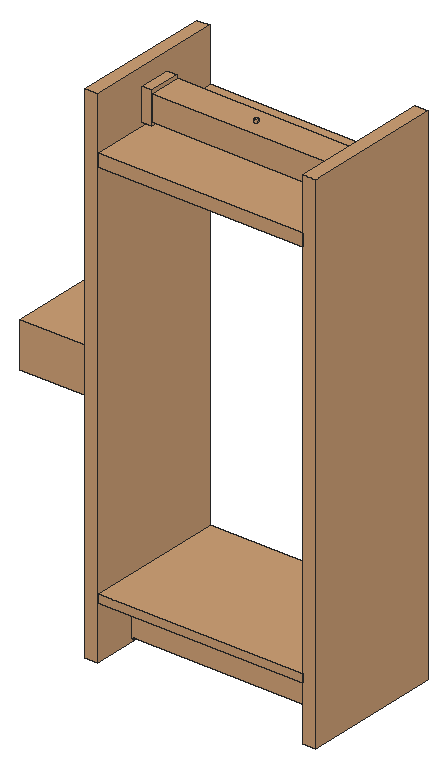
Revit family
Parameters
  Center of Unit = 0' - 0"  # constant formula
  Total Heating Capacity [instance] = 0.0 Btu/h
  Series = "VIFB"
  Outlet Area = 13.50 SF
  Lower Frame Thickness = if(Headers Height = 0' 3", 0' 1 1/4", if(Headers Height = 0' 3 1/4", 0' 1 1/4", 0' 0"))  # 0' - 1 1/4"
  Water Pressure Drop [instance] = 0.00 psi
  Water Flow [instance] = 0 GPM
  Unit Weight (lbs) = 493
  URL = "http://www.ljwing.com/"
  Water Outlet Radius = 0' - 1 1/2"
  Headers Height = if(M = 0' 1", 0' 3", if(M = 0' 1 1/2", 0' 3 1/4", 0' 0"))  # 0' - 3"
  Number of Rows = 2  # constant formula
  Number of Coils [instance] = 0
  Nominal Length = 3' - 0 3/16"
  N = 1' - 0 3/4"
  Model = "VD-3W"
  Manufacturer = "LJ Wing"
  M = 0' - 1"
  Leaving Water Temperature [instance] = 0 °F
  Leaving Air Temperature [instance] = 0 °F
  Entering Water Temperature [instance] = 0 °F
  Entering Air Temperature [instance] = 0 °F
  Description = "Vertical Integral Face & Bypass Water Heating Coils"
  Hot Water Inlet  Radius = 0' - 1 1/2"
  Coil Face Area = Outlet Area * 0.56  # 7.56 SF
  Casing Material = ""
  Assembly Code = "D3020300"
  Air Vent Radius = 0' - 0 1/4"
  Air Pressure Drop [instance] = 0.00 in-wg
  Air Inlet Width = Nominal Length - 0' 4"  # 2' - 8 3/16"
  Air Inlet Height = Y  # 5' - 0"
  Air Flow [instance] = 0 CFM
  Y = 5' - 0"
  S = 0' - 9 3/4"  # constant formula
  Product URL = "http://www.ljwing.com/html/vifb.asp"
  OmniClass = "23-75 70 21 14 "
  Nominal Height = 6' - 8"
  Nominal Depth = 1' - 10"
  R = 0' - 10 1/4"  # constant formula
  Q = 0' - 3 3/32"
Reference planes (in)
  plane 1 "Center (Front/Back)": y = 0
  plane 2: z = -30
  plane 3 "Center (Left/Right)": x = 0
  plane 4: z = 40.25
  plane 5: x = -18.09375
  plane 6: x = 18.09375
  plane 7: z = -39.75
  plane 8: z = 0
  plane 9: y = -11
  plane 10: y = 11
  plane 11: z = 30
  plane 12: z = 32
  plane 13: z = -31.25
  plane 14: x = 16.09375
  plane 15: x = -16.09375
  plane 16: x = -15
  plane 17: x = 15
  plane 18: y = 14.0625
  plane 19: x = -29.09375
  plane 20: z = 37.125
  plane 21: z = 33.125
  plane 22: y = -2.5
  plane 23: y = 2.5
  plane 24: y = -4.5
  plane 25: z = -37.375
  plane 26: x = -5.34375
  plane 27: x = 5.34375
  plane 28: z = -33.375
Forms (in)
  Extrusion 1, solid, material "Painted Finish"
    sketch origin (0, 6, -9.75) x (1, 0, 0) y (0, 0, 1)
      loop
        line (-18.09375, -30) -> (-16.09375, -30) -> (-16.09375, 50) -> (-18.09375, 50) -> (-18.09375, -30)
      loop
        line (18.09375, -30) -> (18.09375, 50) -> (16.09375, 50) -> (16.09375, -30) -> (18.09375, -30)
    from -5 to 17
  Extrusion 2, solid, material "Painted Finish"
    sketch origin (0, 6, 0) x (1, 0, 0) y (0, 0, 1)
      loop
        line (16.09375, -30) -> (-16.09375, -30) -> (-16.09375, -31.25) -> (16.09375, -31.25) -> (16.09375, -30)
      loop
        line (16.09375, 30) -> (16.09375, 32) -> (-16.09375, 32) -> (-16.09375, 30) -> (16.09375, 30)
    from -5 to 17
  Extrusion 3, solid, material "Painted Finish"
    sketch origin (0, 10, -0.5) x (1, 0, 0) y (0, 0, 1)
      loop
        line (-18.09375, 4) -> (-29.09375, 4) -> (-29.09375, -3) -> (-18.09375, -3) -> (-18.09375, 4)
    from 0 to 20
  Extrusion 4, solid, material "Painted Finish"
    sketch origin (0, 6, 0) x (1, 0, 0) y (0, 0, 1)
      loop
        line (-14.46875, 37.125) -> (-14.46875, 33.125) -> (14.46875, 33.125) -> (14.46875, 37.125) -> (-14.46875, 37.125)
    from 3.5 to 8.5
  Extrusion 5, solid, material "Painted Finish"
    sketch origin (0, 0, 0) x (1, 0, 0) y (0, 0, 1)
      loop
        line (-14.46875, 32.625) -> (-14.46875, 37.625) -> (-16.09375, 37.625) -> (-16.09375, 32.625) -> (-14.46875, 32.625)
      loop
        line (16.09375, 32.625) -> (16.09375, 37.625) -> (14.46875, 37.625) -> (14.46875, 32.625) -> (16.09375, 32.625)
    from -2.5 to 2.5
  Extrusion 6, solid, material "Painted Finish"
    sketch origin (0, 6, 0) x (1, 0, 0) y (0, 0, 1)
      loop
        line (-15.59375, -31.875) -> (-15.59375, -31.625) -> (-16.09375, -31.625) -> (-16.09375, -35.125) -> (-15.59375, -35.125) -> (-15.59375, -34.875) -> (15.59375, -34.875) -> (15.59375, -35.125) -> (16.09375, -35.125) -> (16.09375, -31.625) -> (15.59375, -31.625) -> (15.59375, -31.875) -> (-15.59375, -31.875)
      loop
        line (15.59375, -38.875) -> (15.59375, -39.125) -> (16.09375, -39.125) -> (16.09375, -35.625) -> (15.59375, -35.625) -> (15.59375, -35.875) -> (-15.59375, -35.875) -> (-15.59375, -35.625) -> (-16.09375, -35.625) -> (-16.09375, -39.125) -> (-15.59375, -39.125) -> (-15.59375, -38.875) -> (15.59375, -38.875)
    from -5 to 10.5
  Extrusion 7, void
    sketch origin (0, 0, 0) x (1, 0, 0) y (0, 0, 1)
      loop
        line (-16.09375, 30) -> (-16.09375, -30) -> (16.09375, -30) -> (16.09375, 30) -> (-16.09375, 30)
    from -11 to 11
  Extrusion 8, solid, material "Painted Finish"
    sketch origin (0, 0, 0) x (1, 0, 0) y (0, 0, 1)
      loop
        circle (5.34375, -37.375) r 1
      loop
        circle (-5.34375, -33.375) r 1
    from -14.0625 to -11
  Extrusion 9, solid, material "Painted Finish"
    sketch origin (0, 0, 0) x (1, 0, 0) y (0, 1, 0)
      loop
        circle (0, 0) r 0.25
    from 37.125 to 37.625
Cuts and joins
  Extrusion 7 cuts Extrusion 1
  Extrusion 7 cuts Extrusion 2
Dimensions and locks (in)
  "Nominal Length": plane 6 to plane 5
  equal spacing: plane 6, plane 3 "Center (Left/Right)", plane 5
  "S": plane 2 to plane 7
  "Nominal Depth": plane 10 to plane 9
  equal spacing: plane 10, plane 1 "Center (Front/Back)", plane 9
  "Y": plane 11 to plane 2
  "R": plane 4 to plane 11
  locked: plane 12 to plane 11 at 2
  "Lower Frame Thickness": plane 2 to plane 13
  "Q": plane 16 to plane 5
  "Q": plane 6 to plane 17
  locked: plane 18 to plane 10 at 3.0625
  locked: plane 5 to plane 19 at 11
  locked: Extrusion 3 sketch curve to Extrusion 3 sketch curve at 7
  locked: Extrusion 3 to Extrusion 3 at 20
  locked: plane 6 to plane 14 at 2
  locked: plane 15 to plane 5 at 2
  locked: Extrusion 5 sketch curve to plane 20 at 0.5
  locked: plane 21 to Extrusion 5 sketch curve at 0.5
  locked: plane 20 to plane 21 at 4
  locked: plane 23 to plane 22 at 5
  equal spacing: plane 23, plane 1 "Center (Front/Back)", plane 22
  locked: plane 22 to plane 24 at 2
  plane 4 to plane 7 = 6' - 8"
  locked: Extrusion 5 sketch curve to Extrusion 1 at 1.625
  locked: Extrusion 5 sketch curve to Extrusion 5 sketch curve at 1.625
  locked: Extrusion 7 sketch curve to plane 11 at 0
  locked: Extrusion 7 sketch curve to plane 15 at 0
  locked: Extrusion 7 sketch curve to plane 14 at 0
  locked: plane 15 to Extrusion 6 sketch curve at 0.5
  locked: Extrusion 6 sketch curve to Extrusion 6 sketch curve at 0.25  (x2)
  locked: plane 25 to plane 7 at 2.375
  "N": plane 26 to plane 5
  "N": plane 6 to plane 27
  locked: plane 28 to plane 7 at 6.375
  "Headers Height": Extrusion 6 sketch curve to Extrusion 6 sketch curve  (x2)
  locked: Extrusion 8 sketch curve to plane 25 at 0
  locked: Extrusion 8 sketch curve to plane 28 at 0
  locked: Extrusion 9 sketch curve to plane 1 "Center (Front/Back)" at 0
  locked: Extrusion 9 sketch curve to plane 3 "Center (Left/Right)" at 0
  equal spacing: Extrusion 6 sketch curve, plane 28, Extrusion 6 sketch curve
  equal spacing: Extrusion 6 sketch curve, plane 25, Extrusion 6 sketch curve
  locked: plane 4 to plane 20 at 3.125
  locked: Extrusion 7 sketch curve to plane 2 at 0
  equal spacing: plane 11, plane 8, plane 2
  locked: Extrusion 8 sketch curve to plane 27 at 0
  locked: Extrusion 8 sketch curve to plane 26 at 0
  "M": radius of Extrusion 8 sketch curve  (x2)
  "Air Vent Radius": radius of Extrusion 9 sketch curve
  aligned and locked: Extrusion 1 to plane 9
  aligned and locked: Extrusion 1 to plane 10
  aligned and locked: Extrusion 1 to plane 15
  aligned and locked: Extrusion 1 to plane 14
  aligned and locked: Extrusion 2 to plane 9
  aligned and locked: plane 9 to Extrusion 1
  aligned and locked: plane 10 to Extrusion 1  (x2)
  aligned and locked: Extrusion 2 to plane 10
  aligned and locked: plane 10 to Extrusion 2  (x2)
  aligned and locked: plane 9 to Extrusion 2  (x2)
  aligned and locked: plane 5 to Extrusion 3
  aligned and locked: Extrusion 5 sketch curve to plane 15
  aligned and locked: Extrusion 5 sketch curve to Extrusion 4
  aligned and locked: Extrusion 1 to Extrusion 6
  aligned and locked: plane 22 to Extrusion 5
  aligned and locked: Extrusion 5 to Extrusion 4  (x2)
  aligned and locked: Extrusion 5 to plane 23
  aligned and locked: Extrusion 6 to plane 24
  aligned and locked: Extrusion 4 to Extrusion 5  (x2)
  aligned and locked: Extrusion 5 to Extrusion 1  (x2)
  aligned and locked: Extrusion 1 to Extrusion 7  (x2)
  aligned and locked: plane 18 to Extrusion 8
  aligned and locked: Extrusion 8 to plane 10
  aligned and locked: plane 20 to Extrusion 9
  aligned and locked: Extrusion 9 to Extrusion 5
  aligned and locked: plane 2 to cut or joined group of Extrusion 2, Extrusion 7
  aligned and locked: Extrusion 1 sketch curve to plane 6
  aligned and locked: Extrusion 1 sketch curve to plane 14
  aligned and locked: Extrusion 1 sketch curve to plane 15
  aligned and locked: Extrusion 1 sketch curve to plane 5
  aligned and locked: Extrusion 1 sketch curve to plane 4  (x2)
  aligned and locked: plane 7 to Extrusion 1 sketch curve  (x2)
  aligned and locked: Extrusion 2 sketch curve to plane 11
  aligned and locked: Extrusion 2 sketch curve to plane 12
  aligned and locked: plane 2 to Extrusion 2 sketch curve
  aligned and locked: Extrusion 2 sketch curve to plane 13
  aligned and locked: Extrusion 2 sketch curve to plane 14  (x2)
  aligned and locked: Extrusion 2 sketch curve to plane 15  (x2)
  aligned and locked: plane 20 to Extrusion 4 sketch curve
  aligned and locked: Extrusion 4 sketch curve to plane 21
  aligned and locked: plane 14 to Extrusion 6 sketch curve
  aligned and locked: Extrusion 6 sketch curve to plane 14
  aligned and locked: Extrusion 6 sketch curve to plane 15  (x2)
Automatic sketch dimensions
  Extrusion 3 sketch curve to plane 19 = 0' - 0"
  Extrusion 3 sketch curve to plane 5 = 0' - 0"
  plane 8 to Extrusion 3 sketch curve = 0' - 3 1/2"
  plane 16 to Extrusion 4 sketch curve = 0' - 0 17/32"
  Extrusion 4 sketch curve to plane 17 = 0' - 0 17/32"
  plane 21 to Extrusion 5 sketch curve = 0' - 0 1/2"
  Extrusion 5 sketch curve to plane 20 = 0' - 0 1/2"
  plane 15 to Extrusion 6 sketch curve = 0' - 0 1/2"  (x2)
  Extrusion 6 sketch curve to Extrusion 6 sketch curve = 0' - 0 1/4"  (x5)
  Extrusion 6 sketch curve to Extrusion 6 sketch curve = 0' - 0"  (x2)
  Extrusion 6 sketch curve to plane 14 = 0' - 0 1/2"  (x2)
  Extrusion 6 sketch curve to Extrusion 6 sketch curve = 0' - 0 1/2"
  Extrusion 6 sketch curve to plane 7 = 0' - 0 5/8"
Connectors (in)
  hvac at (0, -11, 0), driven by "Air Inlet Height", driven by "Air Inlet Width", driven by "Air Flow", driven by "Air Pressure Drop"
    settings: on Extrusion 7, index 1
  hvac at (0, 11, 0), driven by "Air Pressure Drop", driven by "Air Inlet Height", driven by "Air Inlet Width", driven by "Air Flow"
    settings: on Extrusion 7, index 2
  piping at (-5.34375, 14.0625, -33.375), driven by "M", driven by "Water Flow", driven by "Water Pressure Drop"
    settings: on Extrusion 8, index 4
  piping at (5.34375, 14.0625, -37.375), driven by "Water Pressure Drop", driven by "Water Flow", driven by "M"
    settings: on Extrusion 8, index 5
